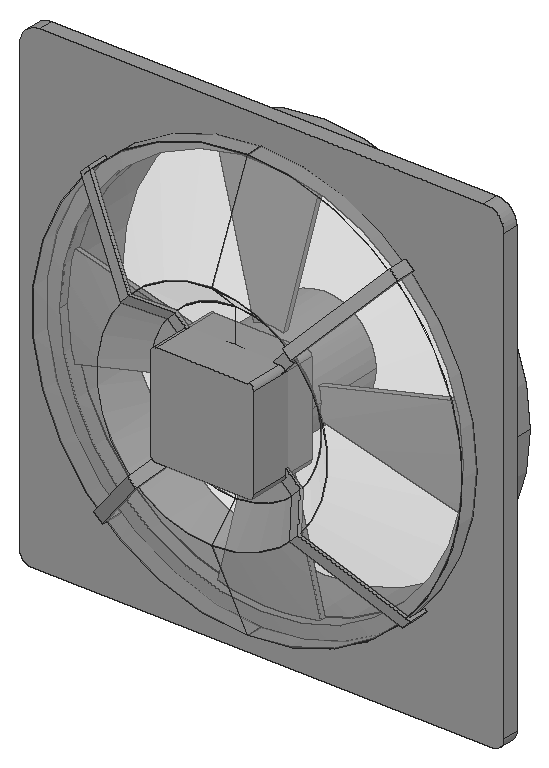
Revit family "BIMLIB_ВытяжныеОсевыеВентиляторы_Вытяжка_AXW-B_SHUFT", category Воздухораспределители, Revit 2017
Family settings
  Размер круглого соединителя = Использовать диаметр
  Тип детали = Нормальный
  На основе рабочей плоскости = Нет
  Всегда вертикально = Да
  При загрузке вырезать с полостями = Нет
  Общий = Нет
  Точка расчета площади = Нет
Parameters (values of type "AXW 760-B-6D 0.65кВТ")
  Сетка 3 = yes
  Сетка 2 = no
  Сетка 1 = no
  Повернуть УГО [instance] = yes
  Description = ""
  Материал сетки = BIMLIB_Сетка_SHUFT
  Климатическое исполнение = "У2"  # constant formula
  Изготовитель = "ООО «Завод ВКО» марка SHUFT"  # constant formula
  r3 = D3 / 2  # 90 mm
  r2 = D2 / 2  # 359 mm
  r1 = D1 / 2  # 352.5 mm
  Watermark [instance] = "Модели защищены уникальным кодом"
  URL = "http://www.shuft.ru/"
  N = 315 mm
  IP Двигателя = "IP54"  # constant formula
  G = 20 mm
  F = r2 + 5 mm  # 364 mm
  E = 130 mm
  D3 = 180 mm
  D2 = 718 mm
  D1 = 705 mm
  C = 135 mm
  BL_Разработано = "support@bimlib.pro"  # constant formula
  BL_Email = "bimmodels@rusklimat.ru"  # constant formula
  BL_BIM library = "https://bimlib.pro/manufacturer/company/23829"
  B = 27 mm
  ADSK_Частота вращения вентилятора = 730
  ADSK_Ток = 1.15 A
  ADSK_Расход воздуха [instance] = 0.0 L/s
  ADSK_Размер_Диаметр = 760 mm
  ADSK_Примечание [instance] = ""
  ADSK_Потеря давления воздуха [instance] = 0.0 Pa
  ADSK_Полная мощность = ADSK_Номинальная мощность / ADSK_Коэффициент мощности  # 0.65 kW
  ADSK_Позиция = ""
  ADSK_Обозначение = ""
  ADSK_Номинальная мощность = 0.65 kW
  ADSK_Напряжение = 400 V
  ADSK_Наименование = "Вытяжной осевой вентилятор AXW 760-B-6D"
  ADSK_Материал = BIMLIB_Сталь_SHUFT
  ADSK_Масса = 40
  ADSK_Марка = "AXW 760-B-6D"
  ADSK_Коэффициент мощности = 1
  ADSK_Количество фаз = 3
  ADSK_Код изделия = ADSK_Марка  # "AXW 760-B-6D"
  ADSK_Классификация нагрузок = Прочее
  ADSK_Завод-изготовитель = "ООО «Завод ВКО» марка SHUFT"  # constant formula
  ADSK_Единица измерения = "шт."  # constant formula
  ADSK_Версия семейства = "v.1"  # constant formula
  ADSK_Версия Revit = "2017"  # constant formula
  ADSK_URL страницы изделия = "http://www.shuft.ru/catalog/1/200/"
  ADSK_URL документации изделия = "http://www.shuft.ru/documentation/"
  A = 845 mm
Types (10, lengths in mm): name | Сетка 3 | Сетка 2 | Сетка 1 | r3 | r2 | r1 | N | G | F | E | D3 | D2 | D1 | C | B | ADSK_Частота вращения вентилятора | ADSK_Ток | ADSK_Размер_Диаметр | ADSK_Полная мощность | ADSK_Номинальная мощность | ADSK_Напряжение | ADSK_Наименование | ADSK_Масса | ADSK_Марка | ADSK_Количество фаз | ADSK_Код изделия | A
  AXW 550-B-4D | no | yes | no | 68.5 | 285 | 280 | 274.079 | 20 | 290 | 60 | 137 | 570 | 560 | 115 | 15 | 1300 | 1.2 A | 550 | 0.6 kW | 0.6 kW | 400 V | "Вытяжной осевой вентилятор AXW 550-B-4D" | 13 | "AXW 550-B-4D" | 3 | "AXW 550-B-4D" | 725
  AXW 200-B-2E | no | no | yes | 46 | 105 | 101.5 | 274.079 | 25 | 110 | 60 | 92 | 210 | 203 | 68 | 15 | 2500 | 0.25 A | 200 | 0.055 kW | 0.055 kW | 230 V | "Вытяжной осевой вентилятор AXW 200-B-2E" | 3.3 | "AXW 200-B-2E" | 1 | "AXW 200-B-2E" | 310
  AXW 250-B-2E | no | no | yes | 46 | 140 | 130 | 274.079 | 25 | 145 | 60 | 92 | 280 | 260 | 90 | 15 | 2400 | 0.42 A | 250 | 0.09 kW | 0.09 kW | 230 V | "Вытяжной осевой вентилятор AXW 250-B-2E" | 3.5 | "AXW 250-B-2E" | 1 | "AXW 250-B-2E" | 370
  AXW 300-B-4E | no | no | yes | 46 | 167.5 | 157.5 | 274.079 | 25 | 172.5 | 60 | 92 | 335 | 315 | 90 | 15 | 1380 | 0.42 A | 300 | 0.085 kW | 0.085 kW | 230 V | "Вытяжной осевой вентилятор AXW 300-B-2E" | 4 | "AXW 300-B-2E" | 1 | "AXW 300-B-2E" | 430
  AXW 350-B-4E | no | yes | no | 51 | 190 | 180 | 165 | 10 | 195 | 60 | 102 | 380 | 360 | 110 | 15 | 1400 | 0.65 A | 350 | 0.129 kW | 0.129 kW | 230 V | "Вытяжной осевой вентилятор AXW 350-B-4E" | 6 | "AXW 350-B-4E" | 1 | "AXW 350-B-4E" | 485
  AXW 400-B-4E | no | yes | no | 51 | 215 | 205 | 200 | 20 | 220 | 60 | 102 | 430 | 410 | 110 | 15 | 1380 | 0.82 A | 400 | 0.18 kW | 0.18 kW | 230 V | "Вытяжной осевой вентилятор AXW 400-B-4E" | 7 | "AXW 400-B-4E" | 1 | "AXW 400-B-4E" | 540
  AXW 450-B-4E | no | yes | no | 51 | 240 | 230 | 225 | 20 | 245 | 60 | 102 | 480 | 460 | 110 | 15 | 1350 | 1.15 A | 450 | 0.25 kW | 0.25 kW | 230 V | "Вытяжной осевой вентилятор AXW 450-B-4E" | 9 | "AXW 450-B-4E" | 1 | "AXW 450-B-4E" | 575
  AXW 630-B-4D | no | yes | no | 68.5 | 330 | 320 | 315 | 20 | 335 | 60 | 137 | 660 | 640 | 125 | 15 | 1320 | 1.6 A | 630 | 0.8 kW | 0.8 kW | 400 V | "Вытяжной осевой вентилятор AXW 630-B-4D" | 17 | "AXW 630-B-4D" | 3 | "AXW 630-B-4D" | 805
  AXW 760-B-6D 0.65кВТ | yes | no | no | 90 | 359 | 352.5 | 315 | 20 | 364 | 130 | 180 | 718 | 705 | 135 | 27 | 730 | 1.15 A | 760 | 0.65 kW | 0.65 kW | 400 V | "Вытяжной осевой вентилятор AXW 760-B-6D" | 40 | "AXW 760-B-6D" | 3 | "AXW 760-B-6D" | 845
  AXW 760-B-6D 0.9кВт | yes | no | no | 90 | 359 | 352.5 | 315 | 20 | 364 | 130 | 180 | 718 | 705 | 135 | 27 | 900 | 1.9 A | 760 | 0.9 kW | 0.9 kW | 400 V | "Вытяжной осевой вентилятор AXW 760-B-6D" | 40 | "AXW 760-B-6D" | 3 | "AXW 760-B-6D" | 845
Reference planes
  plane 1 "По центру (Вперед/Назад)": y = 0
  plane 2: z = 0
  plane 3 "По центру (Влево/Вправо)": x = 0
  plane 4: x = 422.5
  plane 5: x = -422.5
  plane 6: z = 422.5
  plane 7: z = -422.5
  plane 8: y = 27
  plane 9: y = 135
  plane 10: y = -130
  plane 11: x = -90
  plane 12: x = 90
  plane 13: z = 90
  plane 14: z = -90
  plane 15: y = -5
  plane 16: y = 37
  plane 17: y = -35
  plane 18: z = 359
  plane 19: z = 379
  plane 20: y = -115
  plane 21: y = -115
  plane 22: y = -115
  plane 23: y = -115
Forms (mm)
  Extrusion 1, solid, material "BIMLIB_Сталь_SHUFT" <- "ADSK_Материал", detail levels medium+fine
    sketch origin (0, 0, 0) x (1, 0, 0) y (0, 0, 1)
      loop
        arc (-387.609, 422.5) -> (-412.281, 412.281) -> (-422.5, 387.609) r 34.891
        line (-422.5, 387.609) -> (-422.5, -402.5)
        arc (-422.5, -402.5) -> (-416.642, -416.642) -> (-402.5, -422.5) r 20
        line (-402.5, -422.5) -> (402.5, -422.5)
        arc (402.5, -422.5) -> (416.642, -416.642) -> (422.5, -402.5) r 20
        line (422.5, -402.5) -> (422.5, 387.609)
        arc (422.5, 387.609) -> (412.281, 412.281) -> (387.609, 422.5) r 34.891
        line (387.609, 422.5) -> (-387.609, 422.5)
      loop
        circle (0, 0) r 352.5
    from -27 to 0
  Extrusion 2, solid, material "BIMLIB_Сталь_SHUFT" <- "ADSK_Материал", detail levels medium+fine
    sketch origin (0, 0, 0) x (1, 0, 0) y (0, 0, 1)
      loop
        circle (0, 0) r 359
      loop
        circle (0, 0) r 352.5
    from -135 to -27
  Extrusion 3, solid, material "BIMLIB_Сталь_SHUFT" <- "ADSK_Материал", detail levels medium+fine
    sketch origin (0, 0, 0) x (1, 0, 0) y (0, 0, 1)
      loop
        circle (0, 0) r 90
    from -135 to 5
  Extrusion 4, solid, material "BIMLIB_Сталь_SHUFT" <- "ADSK_Материал", detail levels fine
    sketch origin (0, 0, 0) x (1, 0, 0) y (0, 0, 1)
      loop
        arc (-80, 90) -> (-87.071, 87.071) -> (-90, 80) r 10
        line (-90, 80) -> (-90, -80)
        arc (-90, -80) -> (-87.071, -87.071) -> (-80, -90) r 10
        line (-80, -90) -> (80, -90)
        arc (80, -90) -> (87.071, -87.071) -> (90, -80) r 10
        line (90, -80) -> (90, 80)
        arc (90, 80) -> (87.071, 87.071) -> (80, 90) r 10
        line (80, 90) -> (-80, 90)
    from 5 to 130
  Extrusion 5, solid, material "BIMLIB_Сталь_SHUFT" <- "ADSK_Материал", visible <- "Сетка 1", detail levels fine
    sketch origin (0, 0, 0) x (0.707107, 0, 0.707107) y (-0.707107, 0, 0.707107)
      loop
        line (5, 0) -> (5, 360.962)
        arc (5, 360.962) -> (0, 365.962) -> (-5, 360.962) r 5
        line (-5, 360.962) -> (-5, 0) -> (5, 0)
      loop
        line (3.75, 1.962) -> (3.75, 360.229)
        arc (3.75, 360.229) -> (0, 363.979) -> (-3.75, 360.229) r 3.75
        line (-3.75, 360.229) -> (-3.75, 1.962) -> (3.75, 1.962)
    from 0 to 5
  Extrusion 6, solid, material "BIMLIB_Сталь_SHUFT" <- "ADSK_Материал", visible <- "Сетка 1", detail levels fine
    sketch origin (0, 0, 0) x (0.707107, 0, -0.707107) y (0.707107, 0, 0.707107)
      loop
        line (5, 0) -> (5, 360.962)
        arc (5, 360.962) -> (0, 365.962) -> (-5, 360.962) r 5
        line (-5, 360.962) -> (-5, 0) -> (5, 0)
      loop
        line (3.75, 1.962) -> (3.75, 360.229)
        arc (3.75, 360.229) -> (0, 363.979) -> (-3.75, 360.229) r 3.75
        line (-3.75, 360.229) -> (-3.75, 1.962) -> (3.75, 1.962)
    from 0 to 5
  Extrusion 7, solid, material "BIMLIB_Сталь_SHUFT" <- "ADSK_Материал", visible <- "Сетка 1", detail levels fine
    sketch origin (0, 0, 0) x (-0.707107, 0, 0.707107) y (-0.707107, 0, -0.707107)
      loop
        line (5, 0) -> (5, 360.962)
        arc (5, 360.962) -> (0, 365.962) -> (-5, 360.962) r 5
        line (-5, 360.962) -> (-5, 0) -> (5, 0)
      loop
        line (3.75, 1.962) -> (3.75, 360.229)
        arc (3.75, 360.229) -> (0, 363.979) -> (-3.75, 360.229) r 3.75
        line (-3.75, 360.229) -> (-3.75, 1.962) -> (3.75, 1.962)
    from 0 to 5
  Extrusion 8, solid, material "BIMLIB_Сталь_SHUFT" <- "ADSK_Материал", visible <- "Сетка 1", detail levels fine
    sketch origin (0, 0, 0) x (-0.707107, 0, -0.707107) y (0.707107, 0, -0.707107)
      loop
        line (5, 0) -> (5, 360.962)
        arc (5, 360.962) -> (0, 365.962) -> (-5, 360.962) r 5
        line (-5, 360.962) -> (-5, 0) -> (5, 0)
      loop
        line (3.75, 1.962) -> (3.75, 360.229)
        arc (3.75, 360.229) -> (0, 363.979) -> (-3.75, 360.229) r 3.75
        line (-3.75, 360.229) -> (-3.75, 1.962) -> (3.75, 1.962)
    from 0 to 5
  Extrusion 9, solid, material "BIMLIB_Сетка_SHUFT" <- "Материал сетки", visible <- "Сетка 1", detail levels medium+fine
    sketch origin (0, 0, 0) x (1, 0, 0) y (0, 0, 1)
      loop
        circle (0, 0) r 352.5
    from -4.007 to 0
  Extrusion 10, solid, material "BIMLIB_Сталь_SHUFT" <- "ADSK_Материал", visible <- "Сетка 2", detail levels fine
    sketch origin (0.91, 0, -0.91) x (0, 1, 0) y (-0.707107, 0, 0.707107)
      loop
        line (-5, 51) -> (0, 51) -> (0, 58.071) -> (-30, 88.071) -> (-30, 91) -> (-30, 351) -> (0, 351) -> (0, 366) -> (-5, 366) -> (-5, 356) -> (-35, 356) -> (-35, 86) -> (-5, 56) -> (-5, 51)
    from -10 to 10
  Extrusion 11, solid, material "BIMLIB_Сталь_SHUFT" <- "ADSK_Материал", visible <- "Сетка 2", detail levels fine
    sketch origin (0, 0, 0) x (0, 1, 0) y (-0.707107, 0, -0.707107)
      loop
        line (-5, 51) -> (0, 51) -> (0, 58.071) -> (-30, 88.071) -> (-30, 91) -> (-30, 351) -> (0, 351) -> (0, 366) -> (-5, 366) -> (-5, 356) -> (-35, 356) -> (-35, 86) -> (-5, 56) -> (-5, 51)
    from -10 to 10
  Extrusion 12, solid, material "BIMLIB_Сталь_SHUFT" <- "ADSK_Материал", visible <- "Сетка 2", detail levels fine
    sketch origin (0, 0, 0) x (0, 1, 0) y (0.707107, 0, 0.707107)
      loop
        line (-5, 51) -> (0, 51) -> (0, 58.071) -> (-30, 88.071) -> (-30, 91) -> (-30, 351) -> (0, 351) -> (0, 366) -> (-5, 366) -> (-5, 356) -> (-35, 356) -> (-35, 86) -> (-5, 56) -> (-5, 51)
    from -10 to 10
  Extrusion 13, solid, material "BIMLIB_Сталь_SHUFT" <- "ADSK_Материал", visible <- "Сетка 2", detail levels fine
    sketch origin (0, 0, 0) x (0, 1, 0) y (0.707107, 0, -0.707107)
      loop
        line (-5, 51) -> (0, 51) -> (0, 58.071) -> (-30, 88.071) -> (-30, 91) -> (-30, 351) -> (0, 351) -> (0, 366) -> (-5, 366) -> (-5, 356) -> (-35, 356) -> (-35, 86) -> (-5, 56) -> (-5, 51)
    from -10 to 10
  Revolve 14, solid, material "BIMLIB_Сетка_SHUFT" <- "Материал сетки", visible <- "Сетка 2", detail levels medium+fine
    sketch origin (0, 0, 0) x (0, 1, 0) y (0, 0, 1)
      loop
        line (-30, 379) -> (0, 379) -> (0, 380) -> (-31, 380) -> (-31, 126.657) -> (-1, 96.657) -> (-1, 90) -> (0, 90) -> (0, 97.071) -> (-30, 127.071) -> (-30, 379)
      axis (-31, 0) -> (0, 0)
    angle from 0 to 360
  Extrusion 15, solid, material "BIMLIB_Сталь_SHUFT" <- "ADSK_Материал", detail levels medium+fine
    sketch origin (0, 0, 0) x (1, 0, 0) y (0, 0, 1)
      loop
        arc (90.081, 340.796) -> (0.042, 352.5) -> (-90, 340.817) r 352.5
        line (-90, 340.817) -> (-25.667, 86.262)
        arc (-25.667, 86.262) -> (0.063, 90) -> (25.788, 86.226) r 90
        line (25.788, 86.226) -> (90.081, 340.796)
      loop
        line (90.081, -340.796) -> (25.788, -86.226)
        arc (25.788, -86.226) -> (0.063, -90) -> (-25.667, -86.262) r 90
        line (-25.667, -86.262) -> (-90, -340.817)
        arc (-90, -340.817) -> (0.042, -352.5) -> (90.081, -340.796) r 352.5
      loop
        line (-340.796, -90.081) -> (-86.226, -25.788)
        arc (-86.226, -25.788) -> (-90, -0.063) -> (-86.262, 25.667) r 90
        line (-86.262, 25.667) -> (-340.817, 90)
        arc (-340.817, 90) -> (-352.5, -0.042) -> (-340.796, -90.081) r 352.5
      loop
        arc (340.796, -90.081) -> (352.5, -0.042) -> (340.817, 90) r 352.5
        line (340.817, 90) -> (86.262, 25.667)
        arc (86.262, 25.667) -> (90, -0.063) -> (86.226, -25.788) r 90
        line (86.226, -25.788) -> (340.796, -90.081)
    from -25 to -15
  Extrusion 16, solid, material "BIMLIB_Сталь_SHUFT" <- "ADSK_Материал", visible <- "Сетка 3", detail levels fine
    sketch origin (0, 0, 0) x (0, 1, 0) y (-0.736495, 0, 0.676443)
      loop
        line (-62.293, 90) -> (-57.293, 90) -> (-57.293, 149.364) -> (-109.042, 201.113) -> (-31.743, 376) -> (0, 376) -> (0, 381) -> (-35, 381) -> (-115, 200) -> (-62.293, 147.293) -> (-62.293, 90)
    from -10 to 10
  Revolve 17, solid, material "BIMLIB_Сетка_SHUFT" <- "Материал сетки", visible <- "Сетка 3", detail levels medium+fine
    sketch origin (0, 0, 0) x (0, 1, 0) y (0, 0, 1)
      loop
        line (-57.293, 90) -> (-56.293, 90) -> (-56.293, 149.779) -> (-107.85, 201.335) -> (-31.092, 375) -> (0, 375) -> (0, 376) -> (-31.743, 376) -> (-109.042, 201.113) -> (-57.293, 149.364) -> (-57.293, 90)
      axis (-109.042, 0) -> (0, 0)
    angle from 0 to 360
  Extrusion 18, solid, material "BIMLIB_Сталь_SHUFT" <- "ADSK_Материал", visible <- "Сетка 3", detail levels fine
    sketch origin (0, 0, 0) x (0, 1, 0) y (-0.676443, 0, -0.736495)
      loop
        line (-62.293, 90) -> (-57.293, 90) -> (-57.293, 149.364) -> (-109.042, 201.113) -> (-31.743, 376) -> (0, 376) -> (0, 381) -> (-35, 381) -> (-115, 200) -> (-62.293, 147.293) -> (-62.293, 90)
    from -10 to 10
  Extrusion 19, solid, material "BIMLIB_Сталь_SHUFT" <- "ADSK_Материал", visible <- "Сетка 3", detail levels fine
    sketch origin (0, 0, 0) x (0, 1, 0) y (0.676443, 0, 0.736495)
      loop
        line (-62.293, 90) -> (-57.293, 90) -> (-57.293, 149.364) -> (-109.042, 201.113) -> (-31.743, 376) -> (0, 376) -> (0, 381) -> (-35, 381) -> (-115, 200) -> (-62.293, 147.293) -> (-62.293, 90)
    from -10 to 10
  Extrusion 20, solid, material "BIMLIB_Сталь_SHUFT" <- "ADSK_Материал", visible <- "Сетка 3", detail levels fine
    sketch origin (0, 0, 0) x (0, 1, 0) y (0.736495, 0, -0.676443)
      loop
        line (-62.293, 90) -> (-57.293, 90) -> (-57.293, 149.364) -> (-109.042, 201.113) -> (-31.743, 376) -> (0, 376) -> (0, 381) -> (-35, 381) -> (-115, 200) -> (-62.293, 147.293) -> (-62.293, 90)
    from -10 to 10
  Revolve 21, solid, material "BIMLIB_Сетка_SHUFT" <- "Материал сетки", visible <- "Сетка 3", not visible, detail levels medium+fine
    sketch origin (0, 0, 0) x (0, 1, 0) y (0, 0, 1)
      loop
        line (-57.293, 90) -> (-56.293, 90) -> (-56.293, 149.779) -> (-107.85, 201.335) -> (-31.092, 375) -> (0, 375) -> (0, 376) -> (-31.743, 376) -> (-109.042, 201.113) -> (-57.293, 149.364) -> (-57.293, 90)
      axis (-109.042, 0) -> (0, 0)
    angle from 0 to 360
Lines and regions (mm)
  model lines, detail levels coarse
    curve 1: line (-359, 27, 0) -> (359, 27, 0)
Dimensions and locks
  "A": plane 6 to plane 7
  equal spacing: plane 6, level, plane 7
  "A": plane 4 to plane 5
  equal spacing: plane 4, plane 3 "По центру (Влево/Вправо)", plane 5
  "B": plane 1 "По центру (Вперед/Назад)" to plane 8
  "C": plane 1 "По центру (Вперед/Назад)" to plane 9
  "E": plane 10 to plane 1 "По центру (Вперед/Назад)"
  "D3": plane 12 to plane 11
  equal spacing: plane 12, plane 3 "По центру (Влево/Вправо)", plane 11
  "D3": plane 13 to plane 14
  equal spacing: plane 13, level, plane 14
  plane 10 to plane 1 "По центру (Вперед/Назад)" = 130 mm
  locked: plane 15 to plane 1 "По центру (Вперед/Назад)" at 5
  Extrusion 5 sketch curve to Extrusion 5 sketch curve = 1.962 mm
  "F": Extrusion 5 sketch curve to Extrusion 5 sketch curve
  Extrusion 6 sketch curve to Extrusion 6 sketch curve = 1.962 mm
  "F": Extrusion 6 sketch curve to Extrusion 6 sketch curve
  Extrusion 7 sketch curve to Extrusion 7 sketch curve = 1.962 mm
  "F": Extrusion 7 sketch curve to Extrusion 7 sketch curve
  Extrusion 8 sketch curve to Extrusion 8 sketch curve = 1.962 mm
  "F": Extrusion 8 sketch curve to Extrusion 8 sketch curve
  locked: plane 8 to plane 16 at 10
  locked: plane 17 to plane 1 "По центру (Вперед/Назад)" at 35
  locked: plane 17 to Extrusion 10 at 5
  locked: Extrusion 10 to Extrusion 10 at 10
  locked: Extrusion 10 to Extrusion 10 at 15
  locked: Extrusion 12 to Extrusion 12 at 10
  locked: Extrusion 12 to Extrusion 12 at 15
  locked: Extrusion 13 to Extrusion 13 at 10
  locked: Extrusion 13 to Extrusion 13 at 15
  locked: Extrusion 11 to Extrusion 11 at 10
  locked: Extrusion 11 to Extrusion 11 at 15
  "r2": level to plane 18
  "G": plane 18 to plane 19
  "N": Extrusion 12 to Extrusion 12
  "N": Extrusion 10 to Extrusion 10
  "N": Extrusion 11 to Extrusion 11
  "N": Extrusion 13 to Extrusion 13
  "r1": radius of Extrusion 1 sketch curve
  "r2": radius of Extrusion 2 sketch curve
  "r1": radius of Extrusion 2 sketch curve
  "r3": radius of Extrusion 3 sketch curve
  "r1": radius of Extrusion 9 sketch curve
  aligned and locked: level to plane 2
  aligned and locked: Extrusion 1 sketch curve to plane 6
  aligned and locked: Extrusion 1 sketch curve to plane 5
  aligned and locked: plane 7 to Extrusion 1 sketch curve
  aligned and locked: Extrusion 1 sketch curve to plane 4
  aligned and locked: Extrusion 1 to plane 8
  aligned and locked: plane 1 "По центру (Вперед/Назад)" to Extrusion 1
  aligned and locked: Extrusion 2 to plane 9
  aligned and locked: plane 8 to Extrusion 2
  aligned and locked: Extrusion 2 to Extrusion 3
  aligned and locked: Extrusion 4 sketch curve to plane 13
  aligned and locked: plane 11 to Extrusion 4 sketch curve
  aligned and locked: plane 14 to Extrusion 4 sketch curve
  aligned and locked: Extrusion 4 sketch curve to plane 12
  aligned and locked: plane 10 to Extrusion 4
  aligned and locked: Extrusion 3 to Extrusion 4
  aligned and locked: Extrusion 4 to plane 15
  aligned and locked: Extrusion 5 to plane 1 "По центру (Вперед/Назад)"
  aligned and locked: Extrusion 5 to Extrusion 3
  aligned and locked: plane 15 to Extrusion 10
  aligned and locked: plane 19 to Revolve 14 sketch curve
  aligned and locked: Extrusion 15 sketch curve to Extrusion 9  (x4)
  aligned and locked: Extrusion 15 sketch curve to Extrusion 3  (x4)
  aligned and locked: Extrusion 2 to curve 1
  aligned and locked: level to nested 1
  aligned and locked: nested 1 to plane 16
Automatic sketch dimensions
  plane 11 to Extrusion 4 sketch curve = 10 mm  (x2)
  Extrusion 4 sketch curve to plane 12 = 10 mm  (x2)
  Extrusion 10 sketch curve to Extrusion 10 sketch curve = 5 mm  (x5)
  Extrusion 10 sketch curve to Extrusion 10 sketch curve = 2.071 mm  (x2)
  Extrusion 10 sketch curve to Extrusion 10 sketch curve = 30 mm
  Extrusion 10 sketch curve to Extrusion 10 sketch curve = 2.929 mm
  Extrusion 10 sketch curve to Extrusion 10 sketch curve = 260 mm
  Extrusion 10 sketch curve to Extrusion 10 sketch curve = 10 mm
  Extrusion 10 sketch curve to Extrusion 10 sketch curve = 25 mm  (x2)
  Extrusion 11 sketch curve to Extrusion 11 sketch curve = 5 mm  (x5)
  Extrusion 11 sketch curve to Extrusion 11 sketch curve = 2.071 mm  (x2)
  Extrusion 11 sketch curve to Extrusion 11 sketch curve = 30 mm
  Extrusion 11 sketch curve to Extrusion 11 sketch curve = 2.929 mm
  Extrusion 11 sketch curve to Extrusion 11 sketch curve = 260 mm
  Extrusion 11 sketch curve to Extrusion 11 sketch curve = 10 mm
  Extrusion 11 sketch curve to Extrusion 11 sketch curve = 25 mm  (x2)
  Extrusion 12 sketch curve to Extrusion 12 sketch curve = 5 mm  (x5)
  Extrusion 12 sketch curve to Extrusion 12 sketch curve = 2.071 mm  (x2)
  Extrusion 12 sketch curve to Extrusion 12 sketch curve = 30 mm
  Extrusion 12 sketch curve to Extrusion 12 sketch curve = 2.929 mm
  Extrusion 12 sketch curve to Extrusion 12 sketch curve = 260 mm
  Extrusion 12 sketch curve to Extrusion 12 sketch curve = 10 mm
  Extrusion 12 sketch curve to Extrusion 12 sketch curve = 25 mm  (x2)
  Extrusion 13 sketch curve to Extrusion 13 sketch curve = 5 mm  (x5)
  Extrusion 13 sketch curve to Extrusion 13 sketch curve = 2.071 mm  (x2)
  Extrusion 13 sketch curve to Extrusion 13 sketch curve = 30 mm
  Extrusion 13 sketch curve to Extrusion 13 sketch curve = 2.929 mm
  Extrusion 13 sketch curve to Extrusion 13 sketch curve = 260 mm
  Extrusion 13 sketch curve to Extrusion 13 sketch curve = 10 mm
  Extrusion 13 sketch curve to Extrusion 13 sketch curve = 25 mm  (x2)
  plane 17 to Extrusion 10 sketch curve = 0 mm
  plane 17 to Extrusion 11 sketch curve = 0 mm
  Extrusion 12 sketch curve to plane 17 = 0 mm
  Extrusion 13 sketch curve to plane 17 = 0 mm
  Revolve 14 sketch curve to plane 13 = 0 mm
  Revolve 14 sketch curve to plane 1 "По центру (Вперед/Назад)" = 0 mm  (x2)
  plane 1 "По центру (Вперед/Назад)" to Revolve 14 sketch curve = 1 mm
  Revolve 14 sketch curve to plane 17 = 5 mm
  Revolve 14 sketch curve to Revolve 14 sketch curve = 1 mm  (x2)
  plane 13 to Revolve 14 sketch curve = 6.657 mm
  Revolve 14 sketch curve to Revolve 14 sketch curve = 0.414 mm  (x2)
  plane 13 to Revolve 14 sketch curve = 36.657 mm
  plane 10 to Revolve 14 sketch curve = 45 mm
  plane 9 to Revolve 14 sketch curve = 25 mm
  Revolve 14 sketch curve to level = 0 mm
  Extrusion 15 sketch curve to plane 13 = 0 mm  (x2)
  Extrusion 15 sketch curve to plane 11 = 0 mm  (x2)
  Extrusion 15 sketch curve to plane 14 = 0.081 mm  (x2)
  plane 11 to Extrusion 15 sketch curve = 3.738 mm
  plane 11 to Extrusion 15 sketch curve = 3.774 mm
  plane 14 to Extrusion 15 sketch curve = 3.738 mm
  Extrusion 15 sketch curve to plane 13 = 3.738 mm
  plane 14 to Extrusion 15 sketch curve = 3.774 mm
  Extrusion 15 sketch curve to plane 13 = 3.774 mm
  Extrusion 15 sketch curve to plane 12 = 3.774 mm
  Extrusion 15 sketch curve to plane 12 = 3.738 mm
  plane 12 to Extrusion 15 sketch curve = 0.081 mm  (x2)
  Revolve 17 sketch curve to Revolve 17 sketch curve = 0.651 mm
  Revolve 17 sketch curve to Revolve 17 sketch curve = 1 mm  (x2)
  Revolve 17 sketch curve to Revolve 17 sketch curve = 1.192 mm
  Revolve 17 sketch curve to Revolve 17 sketch curve = 0.414 mm
  Revolve 17 sketch curve to Revolve 17 sketch curve = 51.748 mm
  Revolve 17 sketch curve to Revolve 17 sketch curve = 0.223 mm
  plane 20 to Extrusion 16 sketch curve = 0 mm
  Extrusion 16 sketch curve to plane 20 = 5.958 mm
  Extrusion 16 sketch curve to Extrusion 16 sketch curve = 5 mm  (x2)
  Extrusion 16 sketch curve to Extrusion 16 sketch curve = 57.293 mm
  Extrusion 16 sketch curve to Extrusion 16 sketch curve = 2.071 mm
  Extrusion 16 sketch curve to Extrusion 16 sketch curve = 52.707 mm
  Extrusion 16 sketch curve to Extrusion 16 sketch curve = 1.113 mm
  Extrusion 16 sketch curve to Extrusion 16 sketch curve = 174.887 mm
  Extrusion 16 sketch curve to plane 20 = 52.707 mm
  Extrusion 16 sketch curve to plane 20 = 80 mm
  Extrusion 16 sketch curve to Extrusion 16 sketch curve = 3.257 mm
  Extrusion 16 sketch curve to Extrusion 16 sketch curve = 31.743 mm
  plane 21 to Extrusion 18 sketch curve = 0 mm
  Extrusion 18 sketch curve to plane 21 = 5.958 mm
  Extrusion 18 sketch curve to Extrusion 18 sketch curve = 5 mm  (x2)
  Extrusion 18 sketch curve to Extrusion 18 sketch curve = 57.293 mm
  Extrusion 18 sketch curve to Extrusion 18 sketch curve = 2.071 mm
  Extrusion 18 sketch curve to Extrusion 18 sketch curve = 52.707 mm
  Extrusion 18 sketch curve to Extrusion 18 sketch curve = 1.113 mm
  Extrusion 18 sketch curve to Extrusion 18 sketch curve = 174.887 mm
  Extrusion 18 sketch curve to plane 21 = 52.707 mm
  Extrusion 18 sketch curve to plane 21 = 80 mm
  Extrusion 18 sketch curve to Extrusion 18 sketch curve = 3.257 mm
  Extrusion 18 sketch curve to Extrusion 18 sketch curve = 31.743 mm
  plane 22 to Extrusion 19 sketch curve = 0 mm
  Extrusion 19 sketch curve to plane 22 = 5.958 mm
  Extrusion 19 sketch curve to Extrusion 19 sketch curve = 5 mm  (x2)
  Extrusion 19 sketch curve to Extrusion 19 sketch curve = 57.293 mm
  Extrusion 19 sketch curve to Extrusion 19 sketch curve = 2.071 mm
  Extrusion 19 sketch curve to Extrusion 19 sketch curve = 52.707 mm
  Extrusion 19 sketch curve to Extrusion 19 sketch curve = 1.113 mm
  Extrusion 19 sketch curve to Extrusion 19 sketch curve = 174.887 mm
  Extrusion 19 sketch curve to plane 22 = 52.707 mm
  Extrusion 19 sketch curve to plane 22 = 80 mm
  Extrusion 19 sketch curve to Extrusion 19 sketch curve = 3.257 mm
  Extrusion 19 sketch curve to Extrusion 19 sketch curve = 31.743 mm
  plane 23 to Extrusion 20 sketch curve = 0 mm
  Extrusion 20 sketch curve to plane 23 = 5.958 mm
  Extrusion 20 sketch curve to Extrusion 20 sketch curve = 5 mm  (x2)
  Extrusion 20 sketch curve to Extrusion 20 sketch curve = 57.293 mm
  Extrusion 20 sketch curve to Extrusion 20 sketch curve = 2.071 mm
  Extrusion 20 sketch curve to Extrusion 20 sketch curve = 52.707 mm
  Extrusion 20 sketch curve to Extrusion 20 sketch curve = 1.113 mm
  Extrusion 20 sketch curve to Extrusion 20 sketch curve = 174.887 mm
  Extrusion 20 sketch curve to plane 23 = 52.707 mm
  Extrusion 20 sketch curve to plane 23 = 80 mm
  Extrusion 20 sketch curve to Extrusion 20 sketch curve = 3.257 mm
  Extrusion 20 sketch curve to Extrusion 20 sketch curve = 31.743 mm
  Revolve 17 sketch curve to Revolve 17 sketch curve = 50.557 mm
  Revolve 17 sketch curve to Revolve 17 sketch curve = 76.107 mm
  Revolve 17 sketch curve to Revolve 17 sketch curve = 31.092 mm
  Revolve 17 sketch curve to Revolve 17 sketch curve = 59.364 mm
  Revolve 17 sketch curve to Revolve 17 sketch curve = 173.665 mm
  Revolve 17 sketch curve to Revolve 17 sketch curve = 120 mm
  Revolve 17 sketch curve to Revolve 17 sketch curve = 224 mm
  Revolve 17 sketch curve to Revolve 17 sketch curve = 90 mm
  Revolve 21 sketch curve to Revolve 21 sketch curve = 0.651 mm
  Revolve 21 sketch curve to Revolve 21 sketch curve = 1 mm  (x2)
  Revolve 21 sketch curve to Revolve 21 sketch curve = 1.192 mm
  Revolve 21 sketch curve to Revolve 21 sketch curve = 0.414 mm
  Revolve 21 sketch curve to Revolve 21 sketch curve = 51.748 mm
  Revolve 21 sketch curve to Revolve 21 sketch curve = 0.223 mm
  Revolve 21 sketch curve to Revolve 21 sketch curve = 50.557 mm
  Revolve 21 sketch curve to Revolve 21 sketch curve = 76.107 mm
  Revolve 21 sketch curve to Revolve 21 sketch curve = 31.092 mm
  Revolve 21 sketch curve to Revolve 21 sketch curve = 59.364 mm
  Revolve 21 sketch curve to Revolve 21 sketch curve = 173.665 mm
  Revolve 21 sketch curve to Revolve 21 sketch curve = 120 mm
  Revolve 21 sketch curve to Revolve 21 sketch curve = 224 mm
  Revolve 21 sketch curve to Revolve 21 sketch curve = 90 mm
  plane 5 to curve 1 = 63.5 mm
  curve 1 to plane 4 = 63.5 mm
  Extrusion 1 sketch curve to level = 0 mm
  Extrusion 1 sketch curve to plane 3 "По центру (Влево/Вправо)" = 0 mm
  Extrusion 1 sketch curve to plane 19 = 8.609 mm  (x2)
  plane 5 to Extrusion 1 sketch curve = 20 mm
  Extrusion 1 sketch curve to plane 4 = 20 mm
  Extrusion 2 sketch curve to Extrusion 2 sketch curve = 0 mm  (x2)
  Extrusion 2 sketch curve to level = 0 mm
  Extrusion 2 sketch curve to plane 3 "По центру (Влево/Вправо)" = 0 mm
  Extrusion 3 sketch curve to level = 0 mm
  Extrusion 3 sketch curve to plane 3 "По центру (Влево/Вправо)" = 0 mm
  Extrusion 5 sketch curve to plane 3 "По центру (Влево/Вправо)" = 3.536 mm
  Extrusion 5 sketch curve to level = 3.536 mm
  Extrusion 5 sketch curve to Extrusion 5 sketch curve = 1.25 mm
  Extrusion 5 sketch curve to Extrusion 5 sketch curve = 3.75 mm
  Extrusion 5 sketch curve to Extrusion 5 sketch curve = 0 mm
  Extrusion 5 sketch curve to Extrusion 5 sketch curve = 0.732 mm
  level to Extrusion 6 sketch curve = 3.536 mm
  Extrusion 6 sketch curve to plane 3 "По центру (Влево/Вправо)" = 3.536 mm
  Extrusion 6 sketch curve to Extrusion 6 sketch curve = 1.25 mm
  Extrusion 6 sketch curve to Extrusion 6 sketch curve = 3.75 mm
  Extrusion 6 sketch curve to Extrusion 6 sketch curve = 0 mm
  Extrusion 6 sketch curve to Extrusion 6 sketch curve = 0.732 mm
  Extrusion 7 sketch curve to level = 3.536 mm
  plane 3 "По центру (Влево/Вправо)" to Extrusion 7 sketch curve = 3.536 mm
  Extrusion 7 sketch curve to Extrusion 7 sketch curve = 1.25 mm
  Extrusion 7 sketch curve to Extrusion 7 sketch curve = 3.75 mm
  Extrusion 7 sketch curve to Extrusion 7 sketch curve = 0 mm
  Extrusion 7 sketch curve to Extrusion 7 sketch curve = 0.732 mm
  plane 3 "По центру (Влево/Вправо)" to Extrusion 8 sketch curve = 3.536 mm
  level to Extrusion 8 sketch curve = 3.536 mm
  Extrusion 8 sketch curve to Extrusion 8 sketch curve = 1.25 mm
  Extrusion 8 sketch curve to Extrusion 8 sketch curve = 3.75 mm
  Extrusion 8 sketch curve to Extrusion 8 sketch curve = 0 mm
  Extrusion 8 sketch curve to Extrusion 8 sketch curve = 0.732 mm
  Extrusion 9 sketch curve to level = 0 mm
  Extrusion 9 sketch curve to plane 3 "По центру (Влево/Вправо)" = 0 mm
Nested families
  nested 1: "BIMLIB_УГО Вытяжка_SHUFT" at (0, -359.562, -126) x (0, 1, 0) z (0, 0, 1), УГО сверху <- "Повернуть УГО", type "BIMLIB_УГО Вытяжка_SHUFT_"
    with Ширина/4 150 mm, Ширина 600 mm, УГО спереди no, УГО сверху yes, Длина 793.123 mm, Высота/4 63 mm, Высота УГО 3д План 126 mm, Высота 252 mm
Connectors
  hvac at (0, 27, 0), driven by "ADSK_Размер_Диаметр", driven by "ADSK_Расход воздуха", driven by "ADSK_Потеря давления воздуха"
    settings: on Extrusion 2, index 1, duct flow 0.0 L/s, flow factor 0, pres drop 0.0 Pa, loss coef 0, conn angle 0.00°, conn width 304.8 mm, conn height 304.8 mm, conn diameter 760 mm, duct sys type 3, conn prof type 0, flow config 1, flow direction 2, loss method 0, conn ref index -1, conn util no, is conn primary yes, conn desc "Воздушный коннектор"
  electrical at (0, 0, -3.723), driven by "ADSK_Количество фаз", driven by "ADSK_Напряжение", driven by "ADSK_Номинальная мощность", driven by "ADSK_Коэффициент мощности", driven by "ADSK_Классификация нагрузок"
    settings: on Extrusion 1, index 2, voltage 400 V, apparent load 0.65 kW, apparent load phase1 0 kW, apparent load phase2 0 kW, apparent load phase3 0 kW, power factor 1, load classification "Прочее", number of poles 3, system type 30, power factor state 1, is connector primary yes, connector utility no, sub classification motor no, connector description "Электрический соединитель"
Definition of nested family "BIMLIB_УГО Вытяжка_SHUFT"
  Parameters (values of type "BIMLIB_УГО Вытяжка_SHUFT_")
    Ширина/4 [instance] = Ширина / 4  # 150 mm
    Ширина [instance] = 600 mm
    УГО спереди [instance] = not(УГО сверху)  # yes
    УГО сверху [instance] = no
    Высота/4 [instance] = Высота / 4  # 63 mm
    Длина [instance] = 880 mm
    Высота УГО 3д План [instance] = 126 mm
    Высота [instance] = 252 mm
  Reference planes
    plane 1 "По центру (Вперед/Назад)": y = 0
    plane 2: z = 0
    plane 3 "По центру (Влево/Вправо)": x = 0
    plane 4: x = -440
    plane 5: x = 440
    plane 6: y = 300
    plane 7: y = -300
    plane 8: z = 126
    plane 9 "УГО 3Д": z = 252
    plane 10: x = -293.333
    plane 11: x = -146.667
    plane 12: z = 189
    plane 13: z = 63
    plane 14: x = 63
    plane 15: x = 150
    plane 16: y = 150
    plane 17: y = -150
    plane 18 "УГО": z = 126
  Lines and regions (mm)
    model lines, visible <- "УГО спереди"
      curve 1: line (0, 0, 237.055) -> (0, 0, 14.945)
      curve 2: line (0, 0, 14.945) -> (184.772, 0, 126)
      curve 3: line (184.772, 0, 126) -> (0, 0, 237.055)
    model lines, visible <- "УГО сверху"
      curve 4: line (0, 150, 126) -> (184.772, 0, 126)
      curve 5: line (184.772, 0, 126) -> (0, -150, 126)
      curve 6: line (0, -150, 126) -> (0, 150, 126)
    symbolic lines, detail levels coarse
      curve 7: line (0, 0, 237.055) -> (184.772, 0, 126)
      curve 8: line (184.772, 0, 126) -> (0, 0, 14.945)
      curve 9: line (0, 0, 14.945) -> (0, 0, 237.055)
      curve 10: line (0, 150, 0) -> (186.123, 0, 0)
      curve 11: line (186.123, 0, 0) -> (0, -150, 0)
      curve 12: line (0, -150, 0) -> (0, 150, 0)
  Dimensions and locks
    equal spacing: plane 4, plane 3 "По центру (Влево/Вправо)", plane 5
    "Длина": plane 4 to plane 5
    "Ширина": plane 7 to plane 6
    equal spacing: plane 4, plane 10, plane 11, plane 3 "По центру (Влево/Вправо)"
    "Высота": plane 9 "УГО 3Д" to level
    equal spacing: plane 9 "УГО 3Д", plane 12, plane 8, plane 13, level
    "Высота/4": plane 14 to plane 3 "По центру (Влево/Вправо)"
    equal spacing: plane 6, plane 16, plane 1 "По центру (Вперед/Назад)", plane 17, plane 7
    "Ширина/4": plane 15 to plane 3 "По центру (Влево/Вправо)"
    "Ширина/4": plane 3 "По центру (Влево/Вправо)" to plane 15
    "Высота УГО 3д План": plane 18 "УГО" to level
    aligned and locked: level to plane 2
  Automatic sketch dimensions
    curve 11 to plane 3 "По центру (Влево/Вправо)" = 0 mm
    plane 1 "По центру (Вперед/Назад)" to curve 10 = 0 mm
    curve 12 to plane 17 = 0 mm
    plane 1 "По центру (Вперед/Назад)" to curve 4 = 0 mm
    curve 6 to plane 3 "По центру (Влево/Вправо)" = 0 mm
    curve 5 to plane 17 = 0 mm
    curve 12 to plane 16 = 0 mm
    plane 15 to curve 10 = 36.123 mm
    curve 6 to plane 16 = 0 mm
    plane 15 to curve 5 = 34.772 mm
    curve 1 to plane 3 "По центру (Влево/Вправо)" = 0 mm
    curve 3 to plane 8 = 0 mm
    plane 15 to curve 3 = 34.772 mm
    level to curve 8 = 14.945 mm
    curve 3 to plane 9 "УГО 3Д" = 14.945 mm
